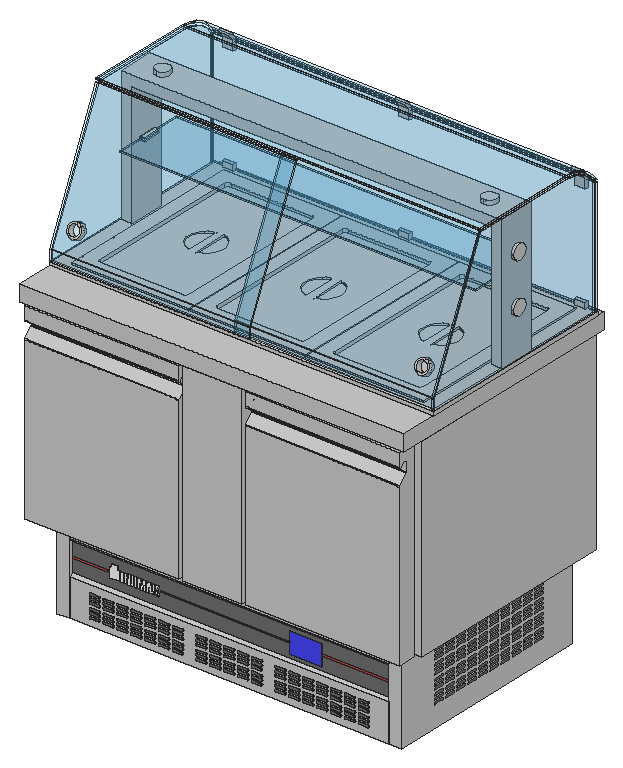
Revit family "QF_INOMAK_BSVP7300_250611022457", category Specialty Equipment, Revit 2021 (continued)
Definition of nested family "QF_INOMAK_REF_BASE_MOTOR_2920"
  Forms (mm)
    Extrusion 20, solid
      sketch origin (1041, 1580.136, -390.167) x (0, 1, 0) y (0, 0, -1)
        loop
          line (-1844.436, -480.535) -> (-1868.436, -480.535)
          arc (-1868.436, -480.535) -> (-1871.436, -483.535) -> (-1868.436, -486.535) r 3
        loop
          line (-1829.436, -486.535) -> (-1805.436, -486.535)
          arc (-1805.436, -486.535) -> (-1802.436, -483.535) -> (-1805.436, -480.535) r 3
          line (-1805.436, -480.535) -> (-1829.436, -480.535)
          arc (-1829.436, -480.535) -> (-1832.436, -483.535) -> (-1829.436, -486.535) r 3
        loop
          line (-1790.436, -486.535) -> (-1766.436, -486.535)
          arc (-1766.436, -486.535) -> (-1763.436, -483.535) -> (-1766.436, -480.535) r 3
          line (-1766.436, -480.535) -> (-1790.436, -480.535)
          arc (-1790.436, -480.535) -> (-1793.436, -483.535) -> (-1790.436, -486.535) r 3
        loop
          line (-1751.436, -486.535) -> (-1727.436, -486.535)
          arc (-1727.436, -486.535) -> (-1724.436, -483.535) -> (-1727.436, -480.535) r 3
          line (-1727.436, -480.535) -> (-1751.436, -480.535)
          arc (-1751.436, -480.535) -> (-1754.436, -483.535) -> (-1751.436, -486.535) r 3
        loop
          line (-1985.436, -475.535) -> (-1961.436, -475.535)
          arc (-1961.436, -475.535) -> (-1958.436, -472.535) -> (-1961.436, -469.535) r 3
          line (-1961.436, -469.535) -> (-1985.436, -469.535)
          arc (-1985.436, -469.535) -> (-1988.436, -472.535) -> (-1985.436, -475.535) r 3
        loop
          line (-1946.436, -475.535) -> (-1922.436, -475.535)
          arc (-1922.436, -475.535) -> (-1919.436, -472.535) -> (-1922.436, -469.535) r 3
          line (-1922.436, -469.535) -> (-1946.436, -469.535)
          arc (-1946.436, -469.535) -> (-1949.436, -472.535) -> (-1946.436, -475.535) r 3
        loop
          line (-1907.436, -475.535) -> (-1883.436, -475.535)
          arc (-1883.436, -475.535) -> (-1880.436, -472.535) -> (-1883.436, -469.535) r 3
          line (-1883.436, -469.535) -> (-1907.436, -469.535)
          arc (-1907.436, -469.535) -> (-1910.436, -472.535) -> (-1907.436, -475.535) r 3
        loop
          line (-1868.436, -475.535) -> (-1844.436, -475.535)
          arc (-1844.436, -475.535) -> (-1841.436, -472.535) -> (-1844.436, -469.535) r 3
          line (-1844.436, -469.535) -> (-1868.436, -469.535)
          arc (-1868.436, -469.535) -> (-1871.436, -472.535) -> (-1868.436, -475.535) r 3
        loop
          line (-1829.436, -475.535) -> (-1805.436, -475.535)
          arc (-1805.436, -475.535) -> (-1802.436, -472.535) -> (-1805.436, -469.535) r 3
          line (-1805.436, -469.535) -> (-1829.436, -469.535)
          arc (-1829.436, -469.535) -> (-1832.436, -472.535) -> (-1829.436, -475.535) r 3
        loop
          line (-1790.436, -475.535) -> (-1766.436, -475.535)
          arc (-1766.436, -475.535) -> (-1763.436, -472.535) -> (-1766.436, -469.535) r 3
          line (-1766.436, -469.535) -> (-1790.436, -469.535)
          arc (-1790.436, -469.535) -> (-1793.436, -472.535) -> (-1790.436, -475.535) r 3
        loop
          line (-1751.436, -475.535) -> (-1727.436, -475.535)
          arc (-1727.436, -475.535) -> (-1724.436, -472.535) -> (-1727.436, -469.535) r 3
          line (-1727.436, -469.535) -> (-1751.436, -469.535)
          arc (-1751.436, -469.535) -> (-1754.436, -472.535) -> (-1751.436, -475.535) r 3
        loop
          line (-2102.436, -534.535) -> (-2078.436, -534.535)
          arc (-2078.436, -534.535) -> (-2075.436, -531.535) -> (-2078.436, -528.535) r 3
          line (-2078.436, -528.535) -> (-2102.436, -528.535)
          arc (-2102.436, -528.535) -> (-2105.436, -531.535) -> (-2102.436, -534.535) r 3
        loop
          line (-2063.436, -534.535) -> (-2039.436, -534.535)
          arc (-2039.436, -534.535) -> (-2036.436, -531.535) -> (-2039.436, -528.535) r 3
          line (-2039.436, -528.535) -> (-2063.436, -528.535)
          arc (-2063.436, -528.535) -> (-2066.436, -531.535) -> (-2063.436, -534.535) r 3
        loop
          line (-2024.436, -534.535) -> (-2000.436, -534.535)
          arc (-2000.436, -534.535) -> (-1997.436, -531.535) -> (-2000.436, -528.535) r 3
          line (-2000.436, -528.535) -> (-2024.436, -528.535)
          arc (-2024.436, -528.535) -> (-2027.436, -531.535) -> (-2024.436, -534.535) r 3
        loop
          line (-2102.436, -523.535) -> (-2078.436, -523.535)
          arc (-2078.436, -523.535) -> (-2075.436, -520.535) -> (-2078.436, -517.535) r 3
          line (-2078.436, -517.535) -> (-2102.436, -517.535)
          arc (-2102.436, -517.535) -> (-2105.436, -520.535) -> (-2102.436, -523.535) r 3
        loop
          line (-2063.436, -523.535) -> (-2039.436, -523.535)
          arc (-2039.436, -523.535) -> (-2036.436, -520.535) -> (-2039.436, -517.535) r 3
          line (-2039.436, -517.535) -> (-2063.436, -517.535)
          arc (-2063.436, -517.535) -> (-2066.436, -520.535) -> (-2063.436, -523.535) r 3
        loop
          line (-2024.436, -523.535) -> (-2000.436, -523.535)
          arc (-2000.436, -523.535) -> (-1997.436, -520.535) -> (-2000.436, -517.535) r 3
          line (-2000.436, -517.535) -> (-2024.436, -517.535)
          arc (-2024.436, -517.535) -> (-2027.436, -520.535) -> (-2024.436, -523.535) r 3
        loop
          line (-2102.436, -512.535) -> (-2078.436, -512.535)
          arc (-2078.436, -512.535) -> (-2075.436, -509.535) -> (-2078.436, -506.535) r 3
          line (-2078.436, -506.535) -> (-2102.436, -506.535)
          arc (-2102.436, -506.535) -> (-2105.436, -509.535) -> (-2102.436, -512.535) r 3
        loop
          line (-2063.436, -512.535) -> (-2039.436, -512.535)
          arc (-2039.436, -512.535) -> (-2036.436, -509.535) -> (-2039.436, -506.535) r 3
          line (-2039.436, -506.535) -> (-2063.436, -506.535)
          arc (-2063.436, -506.535) -> (-2066.436, -509.535) -> (-2063.436, -512.535) r 3
        loop
          line (-2024.436, -512.535) -> (-2000.436, -512.535)
          arc (-2000.436, -512.535) -> (-1997.436, -509.535) -> (-2000.436, -506.535) r 3
          line (-2000.436, -506.535) -> (-2024.436, -506.535)
          arc (-2024.436, -506.535) -> (-2027.436, -509.535) -> (-2024.436, -512.535) r 3
        loop
          line (-2102.436, -497.535) -> (-2078.436, -497.535)
          arc (-2078.436, -497.535) -> (-2075.436, -494.535) -> (-2078.436, -491.535) r 3
          line (-2078.436, -491.535) -> (-2102.436, -491.535)
          arc (-2102.436, -491.535) -> (-2105.436, -494.535) -> (-2102.436, -497.535) r 3
        loop
          line (-2063.436, -497.535) -> (-2039.436, -497.535)
          arc (-2039.436, -497.535) -> (-2036.436, -494.535) -> (-2039.436, -491.535) r 3
          line (-2039.436, -491.535) -> (-2063.436, -491.535)
          arc (-2063.436, -491.535) -> (-2066.436, -494.535) -> (-2063.436, -497.535) r 3
        loop
          line (-2024.436, -497.535) -> (-2000.436, -497.535)
          arc (-2000.436, -497.535) -> (-1997.436, -494.535) -> (-2000.436, -491.535) r 3
          line (-2000.436, -491.535) -> (-2024.436, -491.535)
          arc (-2024.436, -491.535) -> (-2027.436, -494.535) -> (-2024.436, -497.535) r 3
        loop
          line (-2102.436, -486.535) -> (-2078.436, -486.535)
          arc (-2078.436, -486.535) -> (-2075.436, -483.535) -> (-2078.436, -480.535) r 3
          line (-2078.436, -480.535) -> (-2102.436, -480.535)
          arc (-2102.436, -480.535) -> (-2105.436, -483.535) -> (-2102.436, -486.535) r 3
        loop
          line (-2063.436, -486.535) -> (-2039.436, -486.535)
          arc (-2039.436, -486.535) -> (-2036.436, -483.535) -> (-2039.436, -480.535) r 3
          line (-2039.436, -480.535) -> (-2063.436, -480.535)
          arc (-2063.436, -480.535) -> (-2066.436, -483.535) -> (-2063.436, -486.535) r 3
        loop
          line (-2024.436, -486.535) -> (-2000.436, -486.535)
          arc (-2000.436, -486.535) -> (-1997.436, -483.535) -> (-2000.436, -480.535) r 3
          line (-2000.436, -480.535) -> (-2024.436, -480.535)
          arc (-2024.436, -480.535) -> (-2027.436, -483.535) -> (-2024.436, -486.535) r 3
        loop
          line (-2102.436, -475.535) -> (-2078.436, -475.535)
          arc (-2078.436, -475.535) -> (-2075.436, -472.535) -> (-2078.436, -469.535) r 3
          line (-2078.436, -469.535) -> (-2102.436, -469.535)
          arc (-2102.436, -469.535) -> (-2105.436, -472.535) -> (-2102.436, -475.535) r 3
        loop
          line (-2063.436, -475.535) -> (-2039.436, -475.535)
          arc (-2039.436, -475.535) -> (-2036.436, -472.535) -> (-2039.436, -469.535) r 3
          line (-2039.436, -469.535) -> (-2063.436, -469.535)
          arc (-2063.436, -469.535) -> (-2066.436, -472.535) -> (-2063.436, -475.535) r 3
        loop
          line (-2024.436, -475.535) -> (-2000.436, -475.535)
          arc (-2000.436, -475.535) -> (-1997.436, -472.535) -> (-2000.436, -469.535) r 3
          line (-2000.436, -469.535) -> (-2024.436, -469.535)
          arc (-2024.436, -469.535) -> (-2027.436, -472.535) -> (-2024.436, -475.535) r 3
      from 16.5 to 19
  Lines and regions (mm)
    symbolic lines, visible <- "Show Clearance"
      curve 1: line (0, -700, 0) -> (0, -25, 0)
      curve 4: line (1080, -700, 0) -> (1080, -25, 0)
      curve 5: line (0, -25, 0) -> (1080, -25, 0)
      curve 6: line (1080, -700, 0) -> (0, -700, 0)
    symbolic lines
      curve 2: line (12, -1118, 0) -> (12, -700, 0)
      curve 3: arc (12, -1118, 0) -> (312.243, -995.109, 0) -> (447, -700, 0) r 440.665
      curve 7: line (1068, -1118, 0) -> (1068, -700, 0)
      curve 8: arc (1068, -1118, 0) -> (767.757, -995.109, 0) -> (633, -700, 0) r 440.665
  Dimensions and locks
    plane 3 "Left" to plane 4 "Right" = 1080 mm
    plane 5 "Front" to plane 1 "Back" = 700 mm
    plane 6 "Top" to level = 812 mm  (x2)
    aligned and locked: level to plane 2
Definition of nested family "QF_INOMAK_REF_WORKTOPS_WTVF_1080_5707"
  Parameters (values of type "WTVF-1080-700-80")
    Worktop thickness [instance] = 46 mm
    Weight [instance] = 0.00 kg
    Warranty Start Date [instance] = ""
    Warranty Duration [instance] = ""
    URL Cutsheet [instance] = ""
    URL = "www.inomak.com"
    Technical Documentation [instance] = ""
    Tag Number [instance] = ""
    Status [instance] = ""
    Specification by User [instance] = ""
    Specification by Manufacturer [instance] = ""
    Sound Level [instance] = ""
    Solid Fuel Type [instance] = ""
    Show Logo [instance] = yes
    Show Clearances [instance] = yes
    Service Life Duration [instance] = ""
    Serial Number [instance] = ""
    Seismic Rating [instance] = ""
    SMACNA No [instance] = ""
    Revision Code [instance] = ""
    Revision [instance] = ""
    Production Year [instance] = ""
    Point Load [instance] = 0
    Other Equipment Approvals [instance] = ""
    NAFEM Spec ID Number [instance] = ""
    Model Warning [instance] = ""
    Model = "WTVF-80"
    Masterspec [instance] = ""
    Manufacturer = "INOMAK"
    Length Actual [instance] = 1080 mm
    Item Number [instance] = ""
    Installed By [instance] = ""
    Installation Date [instance] = ""
    Identify Quantity as Lot [instance] = yes
    ID [instance] = ""
    Hygiene Approval [instance] = ""
    Height Actual [instance] = 0 mm
    Height AFF [instance] = 0 mm
    Furnished By [instance] = ""
    Foodservice Equipment Identifier [instance] = yes
    Finish [instance] = none
    ETL Approved [instance] = yes
    Description = "WORKTOP WITH FULL LENGTH VITRINE, 80CM DEEP WORKTOP"
    Depth Actual [instance] = 800 mm
    Default Elevation = 0 mm
    CSI MasterFormat [instance] = ""
    CE Approved [instance] = yes
    Barcode [instance] = ""
    Author [instance] = ""
    Asset Identifier [instance] = ""
    Assembly Code = "E1090320"
    Accessory [instance] = yes
  Types (2, lengths in mm): name | Model | Description | Depth Actual
    WTVF-1080-700 | "WTVF" | "WORKTOP WITH FULL LENGTH VITRINE" | 700
    WTVF-1080-700-80 | "WTVF-80" | "WORKTOP WITH FULL LENGTH VITRINE, 80CM DEEP WORKTOP" | 800
  Reference planes
    plane 1 "Back": y = 0
    plane 2: z = 0
    plane 3 "Left": x = 0
    plane 4 "Right": x = 1080
    plane 5 "Front": y = -800
    plane 6 "Top": z = 46
    plane 7 "Worktop bottom": z = 0
    plane 8: y = -596
  Forms (mm)
    Extrusion 1, solid, material <- "Finish"
      sketch origin (0, 0, -760) x (0, 1, 0) y (0, 0, 1)
        loop
          line (0, 806) -> (-800, 806) -> (-800, 760) -> (0, 760) -> (0, 806)
      from 0 to 1080
    Extrusion 2, solid
      sketch origin (1080, -2300.77, 3207) x (0, -1, 0) y (0, 0, 1)
        loop
          line (-2280.77, -3151) -> (-2275.77, -3151) -> (-2275.77, -2825.06) -> (-2280.77, -2825.06) -> (-2280.77, -3151)
      from 0 to 1080
    Extrusion 3, solid
      sketch origin (0, 0, -793) x (0, 1, 0) y (0, 0, 1)
        loop
          line (-596, 849) -> (-30, 849) -> (-30, 1176.94)
          arc (-30, 1176.94) -> (-72.588, 1215.179) -> (-128.129, 1229) r 118.514
          line (-128.129, 1229) -> (-432.792, 1229) -> (-596, 879) -> (-596, 849)
      from 0 to 5
    Extrusion 4, solid
      sketch origin (1080, 0, -793) x (0, -1, 0) y (0, 0, 1)
        loop
          line (20, 1179.94) -> (25.993, 1179.94)
          arc (25.993, 1179.94) -> (70.349, 1219.652) -> (128.129, 1234) r 123.514
          line (128.129, 1234) -> (432.8, 1234) -> (432.8, 1239) -> (128.129, 1239)
          arc (128.129, 1239) -> (66.526, 1223.273) -> (20, 1179.94) r 128.514
      from 0 to 1080
    Extrusion 5, solid
      sketch origin (0, 1874.578, 46) x (0, 1, 0) y (-1, 0, 0)
        loop
          line (-1894.578, 0) -> (-2470.578, 0) -> (-2470.578, -1080) -> (-1894.578, -1080) -> (-1894.578, 0)
        loop
          line (-1914.578, -45) -> (-2450.578, -45) -> (-2450.578, -1035) -> (-1914.578, -1035) -> (-1914.578, -45)
      from 0 to 10
    Extrusion 6, solid
      sketch origin (1080, -2300.77, 3207) x (0, -1, 0) y (0, 0, 1)
        loop
          line (-1704.77, -3151) -> (-1704.77, -3121) -> (-1867.977, -2771) -> (-2172.64, -2771)
          arc (-2172.64, -2771) -> (-2228.182, -2784.821) -> (-2270.77, -2823.06) r 118.514
          line (-2270.77, -2823.06) -> (-2270.77, -3151) -> (-1704.77, -3151)
      from 0 to 5
    Extrusion 7, solid
      sketch origin (789.276, 0, -793) x (0, -1, 0) y (0, 0, 1)
        loop
          line (596, 879) -> (432.792, 1229) -> (427.275, 1229) -> (591, 877.892) -> (591, 849) -> (596, 849) -> (596, 879)
      from 226.776 to 784.276
    Extrusion 8, solid
      sketch origin (0.724, 0, -793) x (0, -1, 0) y (0, 0, -1)
        loop
          line (591, -849) -> (586, -849) -> (586, -876.783) -> (421.759, -1229) -> (427.275, -1229) -> (591, -877.892) -> (591, -849)
      from 516.776 to 1074.276
    Extrusion 9, void
      sketch origin (789.276, -596, 86) x (0, -0.422618, -0.906308) y (-1, 0, 0)
        loop
          circle (-59.994, 736.477) r 20
      from -10.04 to 20
    Extrusion 10, solid
      sketch origin (789.276, -596, 86) x (0, 0.422618, 0.906308) y (-1, 0, 0)
        loop
          circle (59.994, 736.477) r 15
        loop
          circle (59.994, 736.477) r 20
      from -10 to 5
    Extrusion 11, solid
      sketch origin (0.724, -591, 84.892) x (0, 0.422618, 0.906308) y (-1, 0, 0)
        loop
          circle (58.886, -1026.477) r 15
        loop
          circle (58.886, -1026.477) r 20
      from -10 to 5
    Extrusion 12, void
      sketch origin (0.724, -591, 84.892) x (0, -0.422618, -0.906308) y (-1, 0, 0)
        loop
          circle (-58.886, -1026.477) r 20
      from -17.606 to 20.583
    Extrusion 13, solid
      sketch origin (60, 0, -793) x (0, -1, 0) y (0, 0, 1)
        loop
          line (18, 1180.525) -> (18, 1149.94) -> (27, 1149.94) -> (27, 1177.854)
          arc (27, 1177.854) -> (33.636, 1186.884) -> (41.076, 1195.265) r 121.514
          line (41.076, 1195.265) -> (34.712, 1201.629)
          arc (34.712, 1201.629) -> (25.81, 1191.509) -> (18, 1180.525) r 130.514
      from 0 to 30
    Extrusion 14, solid
      sketch origin (555, 0, -793) x (0, -1, 0) y (0, 0, 1)
        loop
          line (18, 1180.525) -> (18, 1149.94) -> (27, 1149.94) -> (27, 1177.854)
          arc (27, 1177.854) -> (33.636, 1186.884) -> (41.076, 1195.265) r 121.514
          line (41.076, 1195.265) -> (34.712, 1201.629)
          arc (34.712, 1201.629) -> (25.81, 1191.509) -> (18, 1180.525) r 130.514
      from 0 to 30
    Extrusion 15, solid
      sketch origin (790, 0, -793) x (0, -1, 0) y (0, 0, 1)
        loop
          line (18, 839) -> (27, 839) -> (27, 864) -> (18, 864) -> (18, 839)
      from 730 to 760
    Extrusion 16, solid
      sketch origin (1285, 0, -793) x (0, -1, 0) y (0, 0, 1)
        loop
          line (18, 839) -> (27, 839) -> (27, 864) -> (18, 864) -> (18, 839)
      from 730 to 760
    Extrusion 17, solid
      sketch origin (0, -695.221, -793) x (-1, 0, 0) y (0, 0, 1)
        loop
          line (-5, 849) -> (-5, 1224) -> (-1075, 1224) -> (-1075, 849) -> (-1045, 849) -> (-1045, 1194) -> (-35, 1194) -> (-35, 849) -> (-5, 849)
      from 345.221 to 445.221
    Extrusion 18, solid
      sketch origin (790, 0, -793) x (0, -1, 0) y (0, 0, 1)
        loop
          circle (300, 1124) r 20
      from 785 to 795
    Extrusion 19, solid
      sketch origin (790, 0, 1517) x (0, -1, 0) y (0, 0, 1)
        loop
          circle (300, -1326) r 20
      from 785 to 795
    Extrusion 20, solid
      sketch origin (290, 0, -793) x (0, -1, 0) y (0, 0, -1)
        loop
          circle (300, -1124) r 20
      from 785 to 795
    Extrusion 21, solid
      sketch origin (290, 0, 1517) x (0, -1, 0) y (0, 0, -1)
        loop
          circle (300, 1326) r 20
      from 785 to 795
    Extrusion 22, solid
      sketch origin (0, 1874.578, 46) x (0, 1, 0) y (-1, 0, 0)
        loop
          circle (-2174.578, -80) r 20
      from 385 to 395
    Extrusion 23, solid
      sketch origin (0, 1874.578, 46) x (0, 1, 0) y (-1, 0, 0)
        loop
          circle (-2174.578, -1000) r 20
      from 385 to 395
    Extrusion 24, solid
      sketch origin (790, 0, -793) x (0, -1, 0) y (0, 0, 1)
        loop
          line (400, 1056.5) -> (200, 1056.5) -> (200, 1051.5) -> (400, 1051.5) -> (400, 1056.5)
      from -250 to 750
    Extrusion 25, solid
      sketch origin (0, -675, -793) x (-1, 0, 0) y (0, 0, 1)
        loop
          line (-35, 1049.5) -> (-35, 1058.5) -> (-50, 1058.5) -> (-50, 1056.5) -> (-37, 1056.5) -> (-37, 1051.5) -> (-50, 1051.5) -> (-50, 1049.5) -> (-35, 1049.5)
      from 350 to 400
    Extrusion 26, solid
      sketch origin (790, -675, -793) x (1, 0, 0) y (0, 0, -1)
        loop
          line (255, -1049.5) -> (240, -1049.5) -> (240, -1051.5) -> (253, -1051.5) -> (253, -1056.5) -> (240, -1056.5) -> (240, -1058.5) -> (255, -1058.5) -> (255, -1049.5)
      from 350 to 400
    Extrusion 27, solid
      sketch origin (0, 1874.578, 46) x (0, 1, 0) y (-1, 0, 0)
        loop
          line (-1964.578, -85) -> (-2400.578, -85)
          arc (-2400.578, -85) -> (-2407.649, -87.929) -> (-2410.578, -95) r 10
          line (-2410.578, -95) -> (-2410.578, -325)
          arc (-2410.578, -325) -> (-2407.649, -332.071) -> (-2400.578, -335) r 10
          line (-2400.578, -335) -> (-1964.578, -335)
          arc (-1964.578, -335) -> (-1957.507, -332.071) -> (-1954.578, -325) r 10
          line (-1954.578, -325) -> (-1954.578, -95)
          arc (-1954.578, -95) -> (-1957.507, -87.929) -> (-1964.578, -85) r 10
        loop
          line (-2133.588, -220) -> (-2231.568, -220)
          arc (-2231.568, -220) -> (-2182.578, -260) -> (-2133.588, -220) r 50
        loop
          arc (-2133.588, -200) -> (-2182.578, -160) -> (-2231.568, -200) r 50
          line (-2231.568, -200) -> (-2133.588, -200)
      from 2 to 5
    Extrusion 28, solid
      sketch origin (0, 1874.578, 46) x (0, 1, 0) y (-1, 0, 0)
        loop
          line (-1914.578, -45) -> (-2450.578, -45) -> (-2450.578, -1035) -> (-1914.578, -1035) -> (-1914.578, -45)
      from 0 to 2
    Extrusion 29, solid
      sketch origin (1020, 0, -793) x (0, -1, 0) y (0, 0, -1)
        loop
          arc (18, -1180.525) -> (25.81, -1191.509) -> (34.712, -1201.629) r 130.514
          line (34.712, -1201.629) -> (41.076, -1195.265)
          arc (41.076, -1195.265) -> (33.636, -1186.884) -> (27, -1177.854) r 121.514
          line (27, -1177.854) -> (27, -1149.94) -> (18, -1149.94) -> (18, -1180.525)
      from 0 to 30
    Extrusion 30, solid
      sketch origin (290, 0, -793) x (0, -1, 0) y (0, 0, -1)
        loop
          line (18, -839) -> (18, -864) -> (27, -864) -> (27, -839) -> (18, -839)
      from 730 to 760
    Extrusion 31, solid
      sketch origin (0, 1874.578, 46) x (0, 1, 0) y (-1, 0, 0)
        loop
          line (-1964.578, -415) -> (-2400.578, -415)
          arc (-2400.578, -415) -> (-2407.649, -417.929) -> (-2410.578, -425) r 10
          line (-2410.578, -425) -> (-2410.578, -655)
          arc (-2410.578, -655) -> (-2407.649, -662.071) -> (-2400.578, -665) r 10
          line (-2400.578, -665) -> (-1964.578, -665)
          arc (-1964.578, -665) -> (-1957.507, -662.071) -> (-1954.578, -655) r 10
          line (-1954.578, -655) -> (-1954.578, -425)
          arc (-1954.578, -425) -> (-1957.507, -417.929) -> (-1964.578, -415) r 10
        loop
          line (-2133.588, -550) -> (-2231.568, -550)
          arc (-2231.568, -550) -> (-2182.578, -590) -> (-2133.588, -550) r 50
        loop
          arc (-2133.588, -530) -> (-2182.578, -490) -> (-2231.568, -530) r 50
          line (-2231.568, -530) -> (-2133.588, -530)
      from 2 to 5
    Extrusion 32, solid
      sketch origin (0, 1874.578, 46) x (0, 1, 0) y (-1, 0, 0)
        loop
          line (-1914.578, -375) -> (-2450.578, -375) -> (-2450.578, -705) -> (-1914.578, -705) -> (-1914.578, -375)
        loop
          arc (-1954.578, -425) -> (-1957.507, -417.929) -> (-1964.578, -415) r 10
          line (-1964.578, -415) -> (-2400.578, -415)
          arc (-2400.578, -415) -> (-2407.649, -417.929) -> (-2410.578, -425) r 10
          line (-2410.578, -425) -> (-2410.578, -655)
          arc (-2410.578, -655) -> (-2407.649, -662.071) -> (-2400.578, -665) r 10
          line (-2400.578, -665) -> (-1964.578, -665)
          arc (-1964.578, -665) -> (-1957.507, -662.071) -> (-1954.578, -655) r 10
          line (-1954.578, -655) -> (-1954.578, -425)
      from 0 to 13
    Extrusion 33, solid
      sketch origin (0, 1874.578, 46) x (0, 1, 0) y (-1, 0, 0)
        loop
          line (-1964.578, -745) -> (-2400.578, -745)
          arc (-2400.578, -745) -> (-2407.649, -747.929) -> (-2410.578, -755) r 10
          line (-2410.578, -755) -> (-2410.578, -985)
          arc (-2410.578, -985) -> (-2407.649, -992.071) -> (-2400.578, -995) r 10
          line (-2400.578, -995) -> (-1964.578, -995)
          arc (-1964.578, -995) -> (-1957.507, -992.071) -> (-1954.578, -985) r 10
          line (-1954.578, -985) -> (-1954.578, -755)
          arc (-1954.578, -755) -> (-1957.507, -747.929) -> (-1964.578, -745) r 10
        loop
          line (-2133.588, -880) -> (-2231.568, -880)
          arc (-2231.568, -880) -> (-2182.578, -920) -> (-2133.588, -880) r 50
        loop
          arc (-2133.588, -860) -> (-2182.578, -820) -> (-2231.568, -860) r 50
          line (-2231.568, -860) -> (-2133.588, -860)
      from 2 to 5
    Extrusion 34, solid
      sketch origin (0, 1874.578, 46) x (0, 1, 0) y (-1, 0, 0)
        loop
          line (-1914.578, -705) -> (-2450.578, -705) -> (-2450.578, -1035) -> (-1914.578, -1035) -> (-1914.578, -705)
        loop
          arc (-1954.578, -755) -> (-1957.507, -747.929) -> (-1964.578, -745) r 10
          line (-1964.578, -745) -> (-2400.578, -745)
          arc (-2400.578, -745) -> (-2407.649, -747.929) -> (-2410.578, -755) r 10
          line (-2410.578, -755) -> (-2410.578, -985)
          arc (-2410.578, -985) -> (-2407.649, -992.071) -> (-2400.578, -995) r 10
          line (-2400.578, -995) -> (-1964.578, -995)
          arc (-1964.578, -995) -> (-1957.507, -992.071) -> (-1954.578, -985) r 10
          line (-1954.578, -985) -> (-1954.578, -755)
      from 0 to 13
    Extrusion 35, solid
      sketch origin (0, 1874.578, 46) x (0, 1, 0) y (-1, 0, 0)
        loop
          line (-1914.578, -45) -> (-2450.578, -45) -> (-2450.578, -375) -> (-1914.578, -375) -> (-1914.578, -45)
        loop
          arc (-1954.578, -95) -> (-1957.507, -87.929) -> (-1964.578, -85) r 10
          line (-1964.578, -85) -> (-2400.578, -85)
          arc (-2400.578, -85) -> (-2407.649, -87.929) -> (-2410.578, -95) r 10
          line (-2410.578, -95) -> (-2410.578, -325)
          arc (-2410.578, -325) -> (-2407.649, -332.071) -> (-2400.578, -335) r 10
          line (-2400.578, -335) -> (-1964.578, -335)
          arc (-1964.578, -335) -> (-1957.507, -332.071) -> (-1954.578, -325) r 10
          line (-1954.578, -325) -> (-1954.578, -95)
      from 0 to 13
  Cuts and joins
    Extrusion 9 cuts Extrusion 7
    Extrusion 12 cuts Extrusion 8
  Lines and regions (mm)
    Masking region 1
      outline origin (0, 0, 46) x (0, 1, 0) y (-1, 0, 0)
        loop
          line (0, 0) -> (-800, 0) -> (-800, -1080) -> (0, -1080) -> (0, 0)
    symbolic lines
      curve 1: line (0, -20, 0) -> (1080, -20, 0)
      curve 2: line (1080, -596, 0) -> (0, -596, 0)
      curve 3: line (1080, -20, 0) -> (1080, -596, 0)
      curve 4: line (0, -432.8, 0) -> (1080, -432.8, 0)
      curve 5: line (562.5, -432.8, 0) -> (562.5, -596, 0)
      curve 6: spline (72.799, -575.177, 0) -> (72.117, -572.989, 0) -> (70.119, -570.951, 0) -> (66.941, -569.2, 0) -> (62.799, -567.857, 0) -> (57.975, -567.013, 0) -> (52.799, -566.725, 0) -> (47.623, -567.013, 0) -> (42.799, -567.857, 0) -> (38.657, -569.2, 0) -> (35.478, -570.951, 0) -> (33.48, -572.989, 0) -> (32.799, -575.177, 0) -> (33.48, -577.365, 0) -> (35.478, -579.403, 0) -> (38.657, -581.154, 0) -> (42.799, -582.497, 0) -> (47.623, -583.341, 0) -> (52.799, -583.629, 0) -> (57.975, -583.341, 0) -> (62.799, -582.497, 0) -> (66.941, -581.154, 0) -> (70.119, -579.403, 0) -> (72.117, -577.365, 0) -> (72.799, -575.177, 0)
      curve 7: spline (1047.201, -570.645, 0) -> (1046.52, -568.458, 0) -> (1044.522, -566.419, 0) -> (1041.343, -564.669, 0) -> (1037.201, -563.325, 0) -> (1032.377, -562.481, 0) -> (1027.201, -562.193, 0) -> (1022.025, -562.481, 0) -> (1017.201, -563.325, 0) -> (1013.059, -564.669, 0) -> (1009.881, -566.419, 0) -> (1007.883, -568.458, 0) -> (1007.201, -570.645, 0) -> (1007.883, -572.833, 0) -> (1009.881, -574.872, 0) -> (1013.059, -576.622, 0) -> (1017.201, -577.965, 0) -> (1022.025, -578.81, 0) -> (1027.201, -579.098, 0) -> (1032.377, -578.81, 0) -> (1037.201, -577.965, 0) -> (1041.343, -576.622, 0) -> (1044.522, -574.872, 0) -> (1046.52, -572.833, 0) -> (1047.201, -570.645, 0)
      curve 8: line (1080, -596, 0) -> (0, -596, 0)
      curve 9: line (1080, -20, 0) -> (1080, -596, 0)
      curve 10: line (0, 0, 46) -> (1080, 0, 46)
      curve 11: line (0, -800, 46) -> (0, 0, 46)
      curve 12: line (1080, -800, 46) -> (0, -800, 46)
      curve 13: line (1080, 0, 46) -> (1080, -800, 46)
  Dimensions and locks
    plane 3 "Left" to plane 4 "Right" = 1080 mm
    "Depth Actual": plane 5 "Front" to plane 1 "Back"
    "Worktop thickness": plane 6 "Top" to plane 7 "Worktop bottom"
    "Height AFF": plane 7 "Worktop bottom" to plane 2
    locked: plane 1 "Back" to plane 8 at 596
    aligned and locked: level to plane 2
    aligned and locked: Extrusion 1 sketch curve to plane 6 "Top"
    aligned and locked: plane 5 "Front" to Extrusion 1 sketch curve
  Automatic sketch dimensions
    curve 8 to plane 3 "Left" = 0 mm
    curve 2 to plane 3 "Left" = 0 mm
    curve 4 to plane 3 "Left" = 0 mm
    curve 1 to plane 3 "Left" = 0 mm
    curve 8 to plane 4 "Right" = 0 mm
    curve 7 to curve 4 = 137.845 mm
    plane 1 "Back" to curve 3 = 20 mm
    plane 1 "Back" to Extrusion 2 sketch curve = 20 mm
    Extrusion 2 sketch curve to Extrusion 2 sketch curve = 5 mm
    plane 6 "Top" to Extrusion 2 sketch curve = 10 mm
    Extrusion 2 sketch curve to Extrusion 2 sketch curve = 325.94 mm
    plane 1 "Back" to Extrusion 3 sketch curve = 128.129 mm
    plane 1 "Back" to Extrusion 3 sketch curve = 30 mm
    plane 6 "Top" to Extrusion 3 sketch curve = 10 mm
    Extrusion 3 sketch curve to Extrusion 3 sketch curve = 30 mm
    Extrusion 3 sketch curve to Extrusion 3 sketch curve = 261.486 mm
    Extrusion 3 sketch curve to Extrusion 3 sketch curve = 66.454 mm
    Extrusion 4 sketch curve to Extrusion 4 sketch curve = 0 mm  (x2)
    plane 1 "Back" to Extrusion 4 sketch curve = 20 mm
    Extrusion 4 sketch curve to Extrusion 4 sketch curve = 5.993 mm
    Extrusion 4 sketch curve to Extrusion 4 sketch curve = 102.136 mm
    plane 6 "Top" to Extrusion 4 sketch curve = 271.486 mm
    Extrusion 4 sketch curve to Extrusion 4 sketch curve = 69.454 mm
    plane 1 "Back" to Extrusion 6 sketch curve = 30 mm
    Extrusion 6 sketch curve to Extrusion 6 sketch curve = 98.129 mm
    plane 6 "Top" to Extrusion 6 sketch curve = 10 mm
    Extrusion 6 sketch curve to Extrusion 6 sketch curve = 30 mm
    Extrusion 6 sketch curve to Extrusion 6 sketch curve = 261.486 mm
    Extrusion 6 sketch curve to Extrusion 6 sketch curve = 66.454 mm
    Extrusion 7 sketch curve to Extrusion 7 sketch curve = 5.517 mm
    Extrusion 7 sketch curve to Extrusion 7 sketch curve = 5 mm
    plane 6 "Top" to Extrusion 7 sketch curve = 10 mm
    Extrusion 7 sketch curve to Extrusion 7 sketch curve = 28.892 mm
    Extrusion 7 sketch curve to Extrusion 7 sketch curve = 1.108 mm
    Extrusion 7 sketch curve to Extrusion 7 sketch curve = 351.108 mm
    Extrusion 8 sketch curve to Extrusion 8 sketch curve = 5.517 mm
    Extrusion 8 sketch curve to Extrusion 8 sketch curve = 5 mm
    plane 6 "Top" to Extrusion 8 sketch curve = 390 mm
    Extrusion 8 sketch curve to Extrusion 8 sketch curve = 351.108 mm
    Extrusion 8 sketch curve to Extrusion 8 sketch curve = 1.108 mm
    Extrusion 8 sketch curve to Extrusion 8 sketch curve = 27.783 mm
    Extrusion 9 sketch curve to Extrusion 7 = 59.994 mm
    Extrusion 9 sketch curve to Extrusion 7 = 47.799 mm
    Extrusion 10 sketch curve to Extrusion 10 sketch curve = 0 mm  (x2)
    Extrusion 7 to Extrusion 10 sketch curve = 59.994 mm
    Extrusion 7 to Extrusion 10 sketch curve = 47.799 mm
    Extrusion 11 sketch curve to Extrusion 11 sketch curve = 0 mm  (x2)
    Extrusion 11 sketch curve to Extrusion 8 = 58.886 mm
    Extrusion 8 to Extrusion 11 sketch curve = 47.799 mm
    Extrusion 8 to Extrusion 12 sketch curve = 58.886 mm
    Extrusion 12 sketch curve to Extrusion 8 = 47.799 mm
    Extrusion 13 sketch curve to Extrusion 13 sketch curve = 0 mm  (x2)
    plane 1 "Back" to Extrusion 13 sketch curve = 18 mm
    Extrusion 13 sketch curve to Extrusion 13 sketch curve = 9 mm
    Extrusion 13 sketch curve to Extrusion 13 sketch curve = 7.712 mm
    Extrusion 13 sketch curve to Extrusion 13 sketch curve = 6.364 mm
    Extrusion 13 sketch curve to Extrusion 13 sketch curve = 101.129 mm
    plane 6 "Top" to Extrusion 13 sketch curve = 271.486 mm
    Extrusion 13 sketch curve to Extrusion 13 sketch curve = 39.454 mm
    Extrusion 13 sketch curve to Extrusion 13 sketch curve = 27.914 mm
    Extrusion 13 sketch curve to Extrusion 13 sketch curve = 2.67 mm
    Extrusion 14 sketch curve to Extrusion 14 sketch curve = 0 mm  (x2)
    plane 1 "Back" to Extrusion 14 sketch curve = 18 mm
    Extrusion 14 sketch curve to Extrusion 14 sketch curve = 9 mm
    Extrusion 14 sketch curve to Extrusion 14 sketch curve = 7.712 mm
    Extrusion 14 sketch curve to Extrusion 14 sketch curve = 6.364 mm
    Extrusion 14 sketch curve to Extrusion 14 sketch curve = 101.129 mm
    plane 6 "Top" to Extrusion 14 sketch curve = 271.486 mm
    Extrusion 14 sketch curve to Extrusion 14 sketch curve = 39.454 mm
    Extrusion 14 sketch curve to Extrusion 14 sketch curve = 27.914 mm
    Extrusion 14 sketch curve to Extrusion 14 sketch curve = 2.67 mm
    plane 1 "Back" to Extrusion 15 sketch curve = 18 mm
    Extrusion 15 sketch curve to Extrusion 15 sketch curve = 9 mm
    plane 6 "Top" to Extrusion 15 sketch curve = 0 mm
    Extrusion 15 sketch curve to Extrusion 15 sketch curve = 25 mm
    plane 1 "Back" to Extrusion 16 sketch curve = 18 mm
    Extrusion 16 sketch curve to Extrusion 16 sketch curve = 9 mm
    plane 6 "Top" to Extrusion 16 sketch curve = 0 mm
    Extrusion 16 sketch curve to Extrusion 16 sketch curve = 25 mm
    plane 4 "Right" to Extrusion 17 sketch curve = 5 mm
    Extrusion 17 sketch curve to Extrusion 17 sketch curve = 30 mm  (x2)
    plane 3 "Left" to Extrusion 17 sketch curve = 35 mm
    plane 3 "Left" to Extrusion 17 sketch curve = 5 mm
    plane 6 "Top" to Extrusion 17 sketch curve = 10 mm  (x2)
    Extrusion 17 sketch curve to Extrusion 17 sketch curve = 345 mm
    plane 1 "Back" to Extrusion 18 sketch curve = 300 mm
    plane 6 "Top" to Extrusion 18 sketch curve = 285 mm
    plane 1 "Back" to Extrusion 19 sketch curve = 300 mm
    plane 6 "Top" to Extrusion 19 sketch curve = 145 mm
    plane 1 "Back" to Extrusion 20 sketch curve = 300 mm
    plane 6 "Top" to Extrusion 20 sketch curve = 285 mm
    plane 1 "Back" to Extrusion 21 sketch curve = 300 mm
    plane 6 "Top" to Extrusion 21 sketch curve = 145 mm
    plane 1 "Back" to Extrusion 24 sketch curve = 200 mm
    Extrusion 24 sketch curve to Extrusion 24 sketch curve = 200 mm
    plane 6 "Top" to Extrusion 24 sketch curve = 212.5 mm
    Extrusion 24 sketch curve to Extrusion 24 sketch curve = 5 mm
    plane 3 "Left" to Extrusion 25 sketch curve = 50 mm
    Extrusion 25 sketch curve to Extrusion 25 sketch curve = 0 mm
    Extrusion 25 sketch curve to Extrusion 25 sketch curve = 13 mm
    Extrusion 25 sketch curve to Extrusion 25 sketch curve = 2 mm  (x3)
    plane 6 "Top" to Extrusion 25 sketch curve = 210.5 mm
    Extrusion 25 sketch curve to Extrusion 25 sketch curve = 5 mm
    plane 4 "Right" to Extrusion 26 sketch curve = 50 mm
    Extrusion 26 sketch curve to Extrusion 26 sketch curve = 0 mm
    Extrusion 26 sketch curve to Extrusion 26 sketch curve = 13 mm
    Extrusion 26 sketch curve to Extrusion 26 sketch curve = 2 mm  (x3)
    plane 6 "Top" to Extrusion 26 sketch curve = 219.5 mm
    Extrusion 26 sketch curve to Extrusion 26 sketch curve = 5 mm
    Extrusion 29 sketch curve to Extrusion 29 sketch curve = 0 mm  (x2)
    plane 1 "Back" to Extrusion 29 sketch curve = 18 mm
    Extrusion 29 sketch curve to Extrusion 29 sketch curve = 9 mm
    Extrusion 29 sketch curve to Extrusion 29 sketch curve = 7.712 mm
    Extrusion 29 sketch curve to Extrusion 29 sketch curve = 6.364 mm  (x2)
    Extrusion 29 sketch curve to Extrusion 29 sketch curve = 101.129 mm
    plane 6 "Top" to Extrusion 29 sketch curve = 362.629 mm
    Extrusion 29 sketch curve to Extrusion 29 sketch curve = 21.104 mm
    Extrusion 29 sketch curve to Extrusion 29 sketch curve = 27.914 mm
    plane 1 "Back" to Extrusion 30 sketch curve = 18 mm
    Extrusion 30 sketch curve to Extrusion 30 sketch curve = 9 mm
    plane 6 "Top" to Extrusion 30 sketch curve = 25 mm
    Extrusion 30 sketch curve to Extrusion 30 sketch curve = 25 mm
    Extrusion 1 sketch curve to plane 1 "Back" = 0 mm
    Extrusion 1 sketch curve to plane 7 "Worktop bottom" = 0 mm
    Extrusion 5 sketch curve to plane 3 "Left" = 0 mm
    Extrusion 5 sketch curve to Extrusion 5 sketch curve = 20 mm
    plane 1 "Back" to Extrusion 5 sketch curve = 40 mm
    plane 1 "Back" to Extrusion 5 sketch curve = 20 mm
    plane 3 "Left" to Extrusion 5 sketch curve = 45 mm
    Extrusion 27 sketch curve to Extrusion 27 sketch curve = 0 mm  (x5)
    Extrusion 27 sketch curve to Extrusion 27 sketch curve = 10 mm  (x4)
    Extrusion 27 sketch curve to Extrusion 27 sketch curve = 169.01 mm  (x2)
    Extrusion 27 sketch curve to Extrusion 27 sketch curve = 48.99 mm
    plane 1 "Back" to Extrusion 27 sketch curve = 90 mm  (x2)
    Extrusion 27 sketch curve to Extrusion 27 sketch curve = 20 mm
    plane 1 "Back" to Extrusion 28 sketch curve = 40 mm
    Extrusion 31 sketch curve to Extrusion 31 sketch curve = 0 mm  (x5)
    Extrusion 31 sketch curve to Extrusion 31 sketch curve = 10 mm  (x4)
    Extrusion 31 sketch curve to Extrusion 31 sketch curve = 169.01 mm  (x2)
    Extrusion 31 sketch curve to Extrusion 31 sketch curve = 48.99 mm
    plane 1 "Back" to Extrusion 31 sketch curve = 90 mm  (x2)
    Extrusion 31 sketch curve to Extrusion 31 sketch curve = 20 mm
    Extrusion 32 sketch curve to Extrusion 32 sketch curve = 40 mm  (x2)
    Extrusion 32 sketch curve to Extrusion 32 sketch curve = 10 mm  (x3)
    plane 1 "Back" to Extrusion 32 sketch curve = 90 mm  (x2)
    plane 1 "Back" to Extrusion 32 sketch curve = 40 mm
    Extrusion 32 sketch curve to Extrusion 32 sketch curve = 230 mm
    Extrusion 33 sketch curve to Extrusion 33 sketch curve = 0 mm  (x5)
    Extrusion 33 sketch curve to Extrusion 33 sketch curve = 10 mm  (x4)
    Extrusion 33 sketch curve to Extrusion 33 sketch curve = 169.01 mm  (x2)
    Extrusion 33 sketch curve to Extrusion 33 sketch curve = 48.99 mm
    plane 1 "Back" to Extrusion 33 sketch curve = 90 mm  (x2)
    Extrusion 33 sketch curve to Extrusion 33 sketch curve = 20 mm
    Extrusion 34 sketch curve to Extrusion 34 sketch curve = 40 mm  (x2)
    Extrusion 34 sketch curve to Extrusion 34 sketch curve = 10 mm  (x3)
    plane 1 "Back" to Extrusion 34 sketch curve = 90 mm  (x2)
    plane 1 "Back" to Extrusion 34 sketch curve = 40 mm
    Extrusion 34 sketch curve to Extrusion 34 sketch curve = 230 mm
    Extrusion 35 sketch curve to Extrusion 35 sketch curve = 40 mm  (x2)
    Extrusion 35 sketch curve to Extrusion 35 sketch curve = 10 mm  (x3)
    plane 1 "Back" to Extrusion 35 sketch curve = 90 mm  (x2)
    plane 1 "Back" to Extrusion 35 sketch curve = 40 mm
    plane 3 "Left" to Extrusion 35 sketch curve = 375 mm
    plane 3 "Left" to Extrusion 35 sketch curve = 95 mm
    plane 3 "Left" to Extrusion 35 sketch curve = 45 mm
    curve 12 to plane 3 "Left" = 0 mm
    curve 12 to plane 5 "Front" = 0 mm
    plane 1 "Back" to curve 11 = 0 mm
    curve 10 to plane 4 "Right" = 0 mm
    Masking region 1 sketch curve to plane 3 "Left" = 0 mm
    Masking region 1 sketch curve to plane 5 "Front" = 0 mm
    plane 1 "Back" to Masking region 1 sketch curve = 0 mm
    Masking region 1 sketch curve to plane 4 "Right" = 0 mm
    plane 3 "Left" to Extrusion 22 sketch curve = 80 mm
    plane 1 "Back" to Extrusion 22 sketch curve = 300 mm
    plane 4 "Right" to Extrusion 23 sketch curve = 80 mm
    plane 1 "Back" to Extrusion 23 sketch curve = 300 mm
    curve 5 to curve 7 = 464.701 mm
    curve 7 to curve 7 = 20 mm
    curve 2 to curve 6 = 20.823 mm
    curve 2 to curve 7 = 25.355 mm
    plane 8 to Extrusion 34 sketch curve = 70 mm
    plane 4 "Right" to Extrusion 34 sketch curve = 45 mm
    Extrusion 34 sketch curve to Extrusion 34 sketch curve = 50 mm
    plane 4 "Right" to Extrusion 33 sketch curve = 85 mm
    Extrusion 33 sketch curve to Extrusion 33 sketch curve = 105 mm  (x2)
    plane 8 to Extrusion 32 sketch curve = 70 mm
    Extrusion 32 sketch curve to Extrusion 32 sketch curve = 50 mm
    plane 4 "Right" to Extrusion 32 sketch curve = 375 mm
    plane 4 "Right" to Extrusion 31 sketch curve = 415 mm
    Extrusion 31 sketch curve to Extrusion 31 sketch curve = 105 mm  (x2)
    plane 8 to Extrusion 35 sketch curve = 70 mm
    plane 3 "Left" to Extrusion 27 sketch curve = 335 mm
    Extrusion 27 sketch curve to Extrusion 27 sketch curve = 105 mm
    plane 3 "Left" to Extrusion 27 sketch curve = 95 mm
    plane 8 to Extrusion 4 sketch curve = 163.2 mm
    plane 8 to Extrusion 3 sketch curve = 163.208 mm
    Extrusion 3 sketch curve to plane 8 = 0 mm
    plane 8 to Extrusion 6 sketch curve = 163.208 mm
    Extrusion 6 sketch curve to plane 8 = 0 mm
    plane 8 to Extrusion 8 sketch curve = 168.725 mm
    plane 8 to Extrusion 8 sketch curve = 10 mm
    plane 8 to Extrusion 7 sketch curve = 163.208 mm
    Extrusion 7 sketch curve to plane 8 = 0 mm
    Extrusion 5 sketch curve to plane 4 "Right" = 0 mm
    Extrusion 5 sketch curve to plane 8 = 0 mm
    plane 4 "Right" to Extrusion 5 sketch curve = 45 mm
    plane 8 to Extrusion 28 sketch curve = 20 mm
    plane 4 "Right" to Extrusion 28 sketch curve = 45 mm
    plane 3 "Left" to Extrusion 28 sketch curve = 45 mm
    curve 5 to plane 8 = 0 mm
    plane 3 "Left" to curve 6 = 52.799 mm
    curve 6 to curve 6 = 20 mm
    curve 6 to curve 5 = 489.701 mm
    radius of Extrusion 9 sketch curve = 20 mm
    radius of Extrusion 10 sketch curve = 15 mm
    radius of Extrusion 10 sketch curve = 20 mm
    radius of Extrusion 11 sketch curve = 15 mm
    radius of Extrusion 11 sketch curve = 20 mm
    radius of Extrusion 12 sketch curve = 20 mm
    radius of Extrusion 18 sketch curve = 20 mm
    radius of Extrusion 19 sketch curve = 20 mm
    radius of Extrusion 20 sketch curve = 20 mm
    radius of Extrusion 21 sketch curve = 20 mm
    radius of Extrusion 22 sketch curve = 20 mm
    radius of Extrusion 23 sketch curve = 20 mm
Definition of nested family "CONN_POINT_ELE_2D___Generic_Annotation"
  Parameters (values of type "CONN_POINT_ELE_2D___Generic_Annotation")
    Onboard connection annotation symbol visibility [instance] = yes
  Reference planes
    plane 1: y = 0
    plane 2: x = 0
  Lines and regions (mm)
    detail lines, visible <- "Onboard connection annotation symbol visibility"
      curve 1: circle (0, 0, 0) r 0.5 normal (0, 0, 1)
      curve 2: line (-1, 0, 0) -> (1, 0, 0)
      curve 3: line (0, 1, 0) -> (0, -1, 0)
      curve 4: line (2.5, 1, 0) -> (1.25, 1, 0)
      curve 5: line (1.25, 1, 0) -> (1.25, -1, 0)
      curve 6: line (1.25, -1, 0) -> (2.5, -1, 0)
      curve 7: line (1.25, 0, 0) -> (2, 0, 0)
